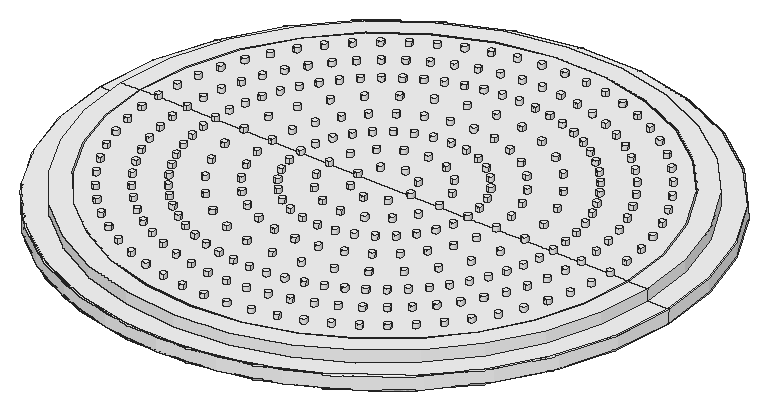
Revit family "Reece_Shower_GROHE_Rainshower_Overhead Shower_400 mm", category Plumbing Fixtures, host Face, Revit 2018
Family settings
  Host = Face
  Round Connector Dimension = Use Diameter
  Part Type = Normal
  Cut with Voids When Loaded = No
  Shared = Yes
  Room Calculation Point = Yes
Parameters (values of type "Chrome")
  WFU = 0  # constant formula
  URL = "https://www.reece.com.au/product/-9506718"
  Type Comments = "Shower"
  Reece_Shower_Inlet = 12 mm  # constant formula
  Reece_Product_Web Page = "https://www.reece.com.au/product/-9506718"
  Reece_Product_Type = "Shower"  # constant formula
  Reece_Product_Sub Brand = "Rainshower"  # constant formula
  Reece_Product_Number = "9506718"
  Reece_Product_Mount = "Ceiling Mounted"
  Reece_Product_Description = "GROHE Rainshower Cosmopolitan 1 Spray Overhead Shower 400mm Chrome (2 Star)"
  Reece_Product_Brand = "GROHE"  # constant formula
  Reece_Overall_Height = 51 mm  # constant formula
  Reece_Overall-Diameter = 400 mm  # constant formula
  Reece_Material_Main [instance] = Reece_Brass_Chrome
  Reece_Detail_Disclaimer = "THIS FILE IS THE PROPERTY OF THE REECE GROUP. IT MAY NOT BE REPRODUCED, REVERSE-ENGINEERED OR MODIFIED. ANY REPUBLICATION, TRANSMISSION OR DISTRIBUTION FOR THE PURPOSE OF COMMERCIALLY EXPLOITING THE FILES IS PROHIBITED."  # constant formula
  Reece_Detail_Additional = "Overhead Shower"  # constant formula
  Model = "Rainshower"
  Manufacturer = "GROHE"
  Keynote = "Product #9506718, Reece_Shower_GROHE_Rainshower_Overhead Shower_400 mm - Chrome"
  HWFU = 0  # constant formula
  Disclaimer = "THIS FILE IS THE PROPERTY OF THE REECE GROUP. IT MAY NOT BE REPRODUCED, REVERSE-ENGINEERED OR MODIFIED. ANY REPUBLICATION, TRANSMISSION OR DISTRIBUTION FOR THE PURPOSE OF COMMERCIALLY EXPLOITING THE FILES IS PROHIBITED."  # constant formula
  Description = "GROHE Rainshower Cosmopolitan 1 Spray Overhead Shower 400mm Chrome (2 Star)"
  Default Elevation = 0 mm
  CWFU = 0  # constant formula
Reference planes
  plane 1 "Center (Front/Back)": y = 0
  plane 2: z = 0
  plane 3 "Center (Left/Right)": x = 0
  plane 4: y = 200
  plane 5: y = -200
  plane 6: z = 51
  plane 7: z = 48.4
  plane 8: x = -200
  plane 9: x = 200
Forms (mm)
  Revolve 1, solid, material "Reece_Brass_Chrome" <- "Reece_Material_Main"
    sketch origin (0, 0, -187) x (1, 0, 0) y (0, 0, 1)
      loop
        line (185, 227.7) -> (185, 235.4) -> (172.1, 235.4) -> (172.1, 229.4) -> (171.3, 229.4) -> (171.3, 235.4) -> (0, 235.4) -> (0, 187) -> (7.5, 187) -> (7.5, 193.444) -> (9.475, 193.444) -> (9.475, 187) -> (13.8, 187) -> (13.8, 193.619)
        arc (13.8, 193.619) -> (13.632, 194.153) -> (13.189, 194.495) r 0.934
        arc (13.189, 194.495) -> (12.327, 195.161) -> (12, 196.2) r 1.817
        line (12, 196.2) -> (12, 197.2)
        arc (12, 197.2) -> (12.077, 197.722) -> (12.3, 198.2) r 1.817
        arc (12.3, 198.2) -> (12.996, 199.352) -> (13.5, 200.6) r 8.461
        line (13.5, 200.6) -> (16.8, 200.6)
        arc (16.8, 200.6) -> (17.914, 203.773) -> (18.4, 207.1) r 17.499
        line (18.4, 207.1) -> (18.4, 209.1) -> (22.398, 209.1)
        arc (22.398, 209.1) -> (25.547, 209.387) -> (28.592, 210.24) r 17.391
        line (28.592, 210.24) -> (48.452, 217.81)
        arc (48.452, 217.81) -> (50.027, 218.251) -> (51.656, 218.4) r 8.996
        line (51.656, 218.4) -> (199.5, 218.4)
        arc (199.5, 218.4) -> (199.854, 218.546) -> (200, 218.9) r 0.5
        line (200, 218.9) -> (200, 227.2)
        arc (200, 227.2) -> (199.854, 227.554) -> (199.5, 227.7) r 0.5
        line (199.5, 227.7) -> (185, 227.7)
      axis (0, 235.4) -> (0, 187)
    angle from 0 to 360
  Extrusion 2, solid, material "Reece_Brass_Chrome" <- "Reece_Material_Main", detail levels fine
    sketch origin (2.068, -0.55, -4) x (0.866025, -0.5, 0) y (0.5, 0.866025, 0)
      loop
        circle (-81.416, 136.881) r 2
      loop
        circle (-71.416, 119.56) r 2
      loop
        circle (-61.416, 102.24) r 2
      loop
        circle (-51.416, 84.919) r 2
      loop
        circle (-41.416, 67.599) r 2
      loop
        circle (-31.416, 50.278) r 2
      loop
        circle (-21.416, 32.958) r 2
      loop
        circle (-11.416, 15.637) r 2
      loop
        circle (-155.359, 40.517) r 2
      loop
        circle (-136.04, 35.341) r 2
      loop
        circle (-116.722, 30.164) r 2
      loop
        circle (-97.403, 24.988) r 2
      loop
        circle (-78.085, 19.812) r 2
      loop
        circle (-58.766, 14.635) r 2
      loop
        circle (-39.448, 9.459) r 2
      loop
        circle (-20.129, 4.283) r 2
      loop
        circle (-139.505, -79.907) r 2
      loop
        circle (-122.184, -69.907) r 2
      loop
        circle (-104.864, -59.907) r 2
      loop
        circle (-87.543, -49.907) r 2
      loop
        circle (-70.223, -39.907) r 2
      loop
        circle (-52.902, -29.907) r 2
      loop
        circle (-35.582, -19.907) r 2
      loop
        circle (-18.261, -9.907) r 2
      loop
        circle (-127.972, 96.053) r 2
      loop
        circle (-112.104, 83.878) r 2
      loop
        circle (-96.237, 71.703) r 2
      loop
        circle (-80.37, 59.527) r 2
      loop
        circle (-64.503, 47.352) r 2
      loop
        circle (-48.636, 35.177) r 2
      loop
        circle (-32.769, 23.002) r 2
      loop
        circle (-106.705, 118.76) r 2
      loop
        circle (-93.518, 103.723) r 2
      loop
        circle (-80.331, 88.686) r 2
      loop
        circle (-67.144, 73.649) r 2
      loop
        circle (-53.957, 58.612) r 2
      loop
        circle (-40.77, 43.576) r 2
      loop
        circle (-144.4, 69.634) r 2
      loop
        circle (-126.463, 60.788) r 2
      loop
        circle (-108.525, 51.942) r 2
      loop
        circle (-90.588, 43.097) r 2
      loop
        circle (-72.65, 34.251) r 2
      loop
        circle (-54.713, 25.405) r 2
      loop
        circle (-159.409, -21.272) r 2
      loop
        circle (-139.58, -18.661) r 2
      loop
        circle (-119.751, -16.051) r 2
      loop
        circle (-99.922, -13.44) r 2
      loop
        circle (-80.093, -10.83) r 2
      loop
        circle (-60.264, -8.219) r 2
      loop
        circle (-40.435, -5.609) r 2
      loop
        circle (-152.344, -51.57) r 2
      loop
        circle (-133.406, -45.141) r 2
      loop
        circle (-114.467, -38.712) r 2
      loop
        circle (-95.528, -32.283) r 2
      loop
        circle (-76.59, -25.855) r 2
      loop
        circle (-57.651, -19.426) r 2
      loop
        circle (-160.427, 9.822) r 2
      loop
        circle (-140.469, 8.514) r 2
      loop
        circle (-120.512, 7.206) r 2
      loop
        circle (-100.555, 5.898) r 2
      loop
        circle (-80.598, 4.59) r 2
      loop
        circle (-60.641, 3.282) r 2
      loop
        circle (-146.62, -66.054) r 2
      loop
        circle (-128.403, -57.8) r 2
      loop
        circle (-110.186, -49.546) r 2
      loop
        circle (-156.621, -36.594) r 2
      loop
        circle (-137.143, -32.053) r 2
      loop
        circle (-117.666, -27.511) r 2
      loop
        circle (-160.681, -5.75) r 2
      loop
        circle (-140.692, -5.096) r 2
      loop
        circle (-120.703, -4.441) r 2
      loop
        circle (-158.647, 25.294) r 2
      loop
        circle (-138.914, 22.036) r 2
      loop
        circle (-119.181, 18.778) r 2
      loop
        circle (-150.595, 55.345) r 2
      loop
        circle (-131.876, 48.3) r 2
      loop
        circle (-113.158, 41.255) r 2
      loop
        circle (-136.835, 83.247) r 2
      loop
        circle (-119.851, 72.686) r 2
      loop
        circle (-102.867, 62.124) r 2
      loop
        circle (-117.896, 107.929) r 2
      loop
        circle (-103.298, 94.257) r 2
      loop
        circle (-88.701, 80.585) r 2
      loop
        circle (-94.506, 128.441) r 2
      loop
        circle (-82.856, 112.184) r 2
      loop
        circle (-71.206, 95.928) r 2
      loop
        circle (-43.141, -153.85) r 2
      loop
        circle (-37.965, -134.531) r 2
      loop
        circle (-32.788, -115.213) r 2
      loop
        circle (-27.612, -95.894) r 2
      loop
        circle (-22.435, -76.576) r 2
      loop
        circle (-17.259, -57.257) r 2
      loop
        circle (-12.083, -37.939) r 2
      loop
        circle (-6.906, -18.62) r 2
      loop
        circle (18.648, -157.9) r 2
      loop
        circle (16.038, -138.071) r 2
      loop
        circle (13.427, -118.242) r 2
      loop
        circle (10.817, -98.413) r 2
      loop
        circle (8.206, -78.584) r 2
      loop
        circle (5.596, -58.755) r 2
      loop
        circle (2.985, -38.926) r 2
      loop
        circle (48.946, -150.835) r 2
      loop
        circle (42.517, -131.897) r 2
      loop
        circle (36.089, -112.958) r 2
      loop
        circle (29.66, -94.019) r 2
      loop
        circle (23.231, -75.081) r 2
      loop
        circle (16.802, -56.142) r 2
      loop
        circle (-12.446, -158.918) r 2
      loop
        circle (-11.138, -138.96) r 2
      loop
        circle (-9.83, -119.003) r 2
      loop
        circle (-8.522, -99.046) r 2
      loop
        circle (-7.214, -79.089) r 2
      loop
        circle (-5.905, -59.132) r 2
      loop
        circle (-98.677, -126.463) r 2
      loop
        circle (-86.502, -110.595) r 2
      loop
        circle (-74.326, -94.728) r 2
      loop
        circle (-62.151, -78.861) r 2
      loop
        circle (-49.976, -62.994) r 2
      loop
        circle (-37.801, -47.127) r 2
      loop
        circle (-25.625, -31.26) r 2
      loop
        circle (-121.383, -105.196) r 2
      loop
        circle (-106.347, -92.009) r 2
      loop
        circle (-91.31, -78.822) r 2
      loop
        circle (-76.273, -65.635) r 2
      loop
        circle (-61.236, -52.448) r 2
      loop
        circle (-46.199, -39.261) r 2
      loop
        circle (-72.258, -142.891) r 2
      loop
        circle (-63.412, -124.954) r 2
      loop
        circle (-54.566, -107.016) r 2
      loop
        circle (-45.72, -89.079) r 2
      loop
        circle (-36.874, -71.141) r 2
      loop
        circle (-28.029, -53.204) r 2
      loop
        circle (-131.065, -92.997) r 2
      loop
        circle (-114.808, -81.347) r 2
      loop
        circle (-98.551, -69.697) r 2
      loop
        circle (-110.552, -116.387) r 2
      loop
        circle (-96.881, -101.79) r 2
      loop
        circle (-83.209, -87.192) r 2
      loop
        circle (-85.871, -135.326) r 2
      loop
        circle (-75.309, -118.342) r 2
      loop
        circle (-64.748, -101.358) r 2
      loop
        circle (-57.968, -149.086) r 2
      loop
        circle (-50.923, -130.368) r 2
      loop
        circle (-43.878, -111.649) r 2
      loop
        circle (-27.918, -157.138) r 2
      loop
        circle (-24.66, -137.405) r 2
      loop
        circle (-21.402, -117.672) r 2
      loop
        circle (3.126, -159.172) r 2
      loop
        circle (2.472, -139.183) r 2
      loop
        circle (1.817, -119.194) r 2
      loop
        circle (33.971, -155.112) r 2
      loop
        circle (29.429, -135.634) r 2
      loop
        circle (24.888, -116.157) r 2
      loop
        circle (63.43, -145.111) r 2
      loop
        circle (55.176, -126.894) r 2
      loop
        circle (46.922, -108.677) r 2
      loop
        circle (39.008, 152.735) r 2
      loop
        circle (33.832, 133.417) r 2
      loop
        circle (28.655, 114.098) r 2
      loop
        circle (23.479, 94.78) r 2
      loop
        circle (18.303, 75.461) r 2
      loop
        circle (13.126, 56.142) r 2
      loop
        circle (7.95, 36.824) r 2
      loop
        circle (2.774, 17.505) r 2
      loop
        circle (135.372, 78.793) r 2
      loop
        circle (118.051, 68.793) r 2
      loop
        circle (100.731, 58.793) r 2
      loop
        circle (83.41, 48.793) r 2
      loop
        circle (66.09, 38.793) r 2
      loop
        circle (48.769, 28.793) r 2
      loop
        circle (31.449, 18.793) r 2
      loop
        circle (14.128, 8.793) r 2
      loop
        circle (-22.781, 156.785) r 2
      loop
        circle (-20.17, 136.956) r 2
      loop
        circle (-17.56, 117.127) r 2
      loop
        circle (-14.949, 97.298) r 2
      loop
        circle (-12.339, 77.469) r 2
      loop
        circle (-9.728, 57.64) r 2
      loop
        circle (-7.118, 37.812) r 2
      loop
        circle (-53.079, 149.72) r 2
      loop
        circle (-46.65, 130.782) r 2
      loop
        circle (-40.221, 111.843) r 2
      loop
        circle (-33.792, 92.905) r 2
      loop
        circle (-27.364, 73.966) r 2
      loop
        circle (-20.935, 55.027) r 2
      loop
        circle (8.313, 157.803) r 2
      loop
        circle (7.005, 137.846) r 2
      loop
        circle (5.697, 117.888) r 2
      loop
        circle (4.389, 97.931) r 2
      loop
        circle (3.081, 77.974) r 2
      loop
        circle (1.773, 58.017) r 2
      loop
        circle (94.544, 125.348) r 2
      loop
        circle (82.369, 109.481) r 2
      loop
        circle (70.194, 93.614) r 2
      loop
        circle (58.018, 77.747) r 2
      loop
        circle (45.843, 61.88) r 2
      loop
        circle (33.668, 46.012) r 2
      loop
        circle (21.493, 30.145) r 2
      loop
        circle (117.251, 104.081) r 2
      loop
        circle (102.214, 90.894) r 2
      loop
        circle (87.177, 77.707) r 2
      loop
        circle (72.14, 64.52) r 2
      loop
        circle (57.103, 51.333) r 2
      loop
        circle (42.067, 38.146) r 2
      loop
        circle (68.125, 141.776) r 2
      loop
        circle (59.279, 123.839) r 2
      loop
        circle (50.433, 105.901) r 2
      loop
        circle (41.588, 87.964) r 2
      loop
        circle (32.742, 70.027) r 2
      loop
        circle (23.896, 52.089) r 2
      loop
        circle (126.932, 91.882) r 2
      loop
        circle (110.676, 80.232) r 2
      loop
        circle (94.419, 68.583) r 2
      loop
        circle (106.42, 115.272) r 2
      loop
        circle (92.748, 100.675) r 2
      loop
        circle (79.076, 86.077) r 2
      loop
        circle (81.738, 134.211) r 2
      loop
        circle (71.177, 117.227) r 2
      loop
        circle (60.615, 100.243) r 2
      loop
        circle (53.836, 147.971) r 2
      loop
        circle (46.791, 129.253) r 2
      loop
        circle (39.746, 110.535) r 2
      loop
        circle (23.785, 156.023) r 2
      loop
        circle (20.527, 136.29) r 2
      loop
        circle (17.269, 116.557) r 2
      loop
        circle (-7.259, 158.058) r 2
      loop
        circle (-6.604, 138.068) r 2
      loop
        circle (-5.95, 118.079) r 2
      loop
        circle (-38.103, 153.997) r 2
      loop
        circle (-33.562, 134.519) r 2
      loop
        circle (-29.02, 115.042) r 2
      loop
        circle (-67.563, 143.997) r 2
      loop
        circle (-59.309, 125.779) r 2
      loop
        circle (-51.055, 107.562) r 2
      loop
        circle (151.226, -41.632) r 2
      loop
        circle (131.908, -36.456) r 2
      loop
        circle (112.589, -31.279) r 2
      loop
        circle (93.271, -26.103) r 2
      loop
        circle (73.952, -20.926) r 2
      loop
        circle (54.634, -15.75) r 2
      loop
        circle (35.315, -10.574) r 2
      loop
        circle (15.996, -5.397) r 2
      loop
        circle (123.839, -97.168) r 2
      loop
        circle (107.972, -84.993) r 2
      loop
        circle (92.105, -72.817) r 2
      loop
        circle (76.238, -60.642) r 2
      loop
        circle (60.371, -48.467) r 2
      loop
        circle (44.504, -36.292) r 2
      loop
        circle (28.636, -24.116) r 2
      loop
        circle (102.572, -119.874) r 2
      loop
        circle (89.385, -104.838) r 2
      loop
        circle (76.198, -89.801) r 2
      loop
        circle (63.011, -74.764) r 2
      loop
        circle (49.824, -59.727) r 2
      loop
        circle (36.637, -44.69) r 2
      loop
        circle (140.267, -70.749) r 2
      loop
        circle (122.33, -61.903) r 2
      loop
        circle (104.392, -53.057) r 2
      loop
        circle (86.455, -44.211) r 2
      loop
        circle (68.518, -35.365) r 2
      loop
        circle (50.58, -26.52) r 2
      loop
        circle (155.276, 20.157) r 2
      loop
        circle (135.447, 17.547) r 2
      loop
        circle (115.618, 14.936) r 2
      loop
        circle (95.789, 12.326) r 2
      loop
        circle (75.96, 9.715) r 2
      loop
        circle (56.131, 7.105) r 2
      loop
        circle (36.303, 4.494) r 2
      loop
        circle (148.211, 50.455) r 2
      loop
        circle (129.273, 44.026) r 2
      loop
        circle (110.334, 37.597) r 2
      loop
        circle (91.396, 31.169) r 2
      loop
        circle (72.457, 24.74) r 2
      loop
        circle (53.518, 18.311) r 2
      loop
        circle (156.294, -10.937) r 2
      loop
        circle (136.337, -9.629) r 2
      loop
        circle (116.38, -8.321) r 2
      loop
        circle (96.422, -7.013) r 2
      loop
        circle (76.465, -5.705) r 2
      loop
        circle (56.508, -4.397) r 2
      loop
        circle (142.488, 64.939) r 2
      loop
        circle (124.27, 56.685) r 2
      loop
        circle (106.053, 48.431) r 2
      loop
        circle (152.488, 35.48) r 2
      loop
        circle (133.01, 30.938) r 2
      loop
        circle (113.533, 26.397) r 2
      loop
        circle (156.549, 4.635) r 2
      loop
        circle (136.559, 3.981) r 2
      loop
        circle (116.57, 3.326) r 2
      loop
        circle (154.514, -26.409) r 2
      loop
        circle (134.781, -23.151) r 2
      loop
        circle (115.048, -19.893) r 2
      loop
        circle (146.462, -56.459) r 2
      loop
        circle (127.744, -49.414) r 2
      loop
        circle (109.026, -42.369) r 2
      loop
        circle (132.702, -84.362) r 2
      loop
        circle (115.718, -73.8) r 2
      loop
        circle (98.734, -63.239) r 2
      loop
        circle (113.763, -109.043) r 2
      loop
        circle (99.166, -95.372) r 2
      loop
        circle (84.569, -81.7) r 2
      loop
        circle (90.373, -129.556) r 2
      loop
        circle (78.723, -113.299) r 2
      loop
        circle (67.074, -97.042) r 2
      loop
        circle (77.284, -137.996) r 2
      loop
        circle (67.284, -120.675) r 2
      loop
        circle (57.284, -103.355) r 2
      loop
        circle (47.284, -86.034) r 2
      loop
        circle (37.284, -68.714) r 2
      loop
        circle (27.284, -51.393) r 2
      loop
        circle (17.284, -34.073) r 2
      loop
        circle (7.284, -16.752) r 2
    from 52.4 to 55
  Extrusion 3, void
    sketch origin (0, 0, 0) x (1, 0, 0) y (0, 0, 1)
      loop
        line (0, 18.387) -> (-7.1, 18.387)
        arc (-7.1, 18.387) -> (-7.903, 17.927) -> (-7.915, 17.002) r 0.932
        arc (-7.915, 17.002) -> (-5.928, 14.943) -> (-3.4, 13.6) r 9.126
        line (-3.4, 13.6) -> (0, 13.6) -> (3.4, 13.6)
        arc (3.4, 13.6) -> (5.928, 14.943) -> (7.915, 17.002) r 9.126
        arc (7.915, 17.002) -> (7.903, 17.927) -> (7.1, 18.387) r 0.932
        line (7.1, 18.387) -> (0, 18.387)
    from 11.769 to 19.298
  Extrusion 4, void
    sketch origin (0, 0, 0) x (1, 0, 0) y (0, 0, -1)
      loop
        line (0, -18.387) -> (7.1, -18.387)
        arc (7.1, -18.387) -> (7.903, -17.927) -> (7.915, -17.002) r 0.932
        arc (7.915, -17.002) -> (5.928, -14.943) -> (3.4, -13.6) r 9.126
        line (3.4, -13.6) -> (0, -13.6) -> (-3.4, -13.6)
        arc (-3.4, -13.6) -> (-5.928, -14.943) -> (-7.915, -17.002) r 9.126
        arc (-7.915, -17.002) -> (-7.903, -17.927) -> (-7.1, -18.387) r 0.932
        line (-7.1, -18.387) -> (0, -18.387)
    from 11.769 to 19.298
  Extrusion 5, void
    sketch origin (0, 0, 0) x (1, 0, 0) y (0, 0, 1)
      loop
        arc (-5.7, 0.529) -> (-5.545, 0.155) -> (-5.171, 0) r 0.529
        line (-5.171, 0) -> (5.15, 0)
        arc (5.15, 0) -> (5.539, 0.161) -> (5.7, 0.55) r 0.55
        line (5.7, 0.55) -> (5.7, 4.512)
        arc (5.7, 4.512) -> (5.5, 5.124) -> (4.977, 5.501) r 1.037
        arc (4.977, 5.501) -> (0.003, 6.271) -> (-4.971, 5.494) r 16.376
        arc (-4.971, 5.494) -> (-5.498, 5.114) -> (-5.7, 4.496) r 1.048
        line (-5.7, 4.496) -> (-5.7, 0.529)
    from 11.004 to 19.69
  Extrusion 6, void
    sketch origin (0, 0, 0) x (1, 0, 0) y (0, 0, -1)
      loop
        line (-5.7, -0.529) -> (-5.7, -4.496)
        arc (-5.7, -4.496) -> (-5.498, -5.114) -> (-4.971, -5.494) r 1.048
        arc (-4.971, -5.494) -> (0.003, -6.271) -> (4.977, -5.501) r 16.376
        arc (4.977, -5.501) -> (5.5, -5.124) -> (5.7, -4.512) r 1.037
        line (5.7, -4.512) -> (5.7, -0.55)
        arc (5.7, -0.55) -> (5.539, -0.161) -> (5.15, 0) r 0.55
        line (5.15, 0) -> (-5.171, 0)
        arc (-5.171, 0) -> (-5.545, -0.155) -> (-5.7, -0.529) r 0.529
    from 11.004 to 19.69
Cuts and joins
  Extrusion 3, Extrusion 4, Extrusion 5, Extrusion 6 cuts Revolve 1
Text (mm)
  text "Reece Copyright © 2018, Reece Ltd." at (-684.407, -323.801, 0), in view "Ref. Level"
  text "Reece ©" at (-376.822, 575.02, -217.389), in view "Reece_Preview"
Dimensions and locks
  equal spacing: plane 4, plane 1 "Center (Front/Back)", plane 5
  "Reece_Overall-Diameter": plane 4 to plane 5
  "Reece_Overall_Height": plane 6 to level
  aligned and locked: host face to plane 2
  aligned and locked: level to host face
Automatic sketch dimensions
  host sketch curve to host sketch curve = 448.479 mm
  host sketch curve to host sketch curve = 436.293 mm
  Extrusion 3 sketch curve to plane 3 "Center (Left/Right)" = 0 mm  (x2)
  Extrusion 3 sketch curve to plane 3 "Center (Left/Right)" = 0.436 mm
  Extrusion 3 sketch curve to Extrusion 3 sketch curve = 3.4 mm
  Extrusion 3 sketch curve to Extrusion 3 sketch curve = 3.7 mm  (x2)
  plane 3 "Center (Left/Right)" to Extrusion 3 sketch curve = 0.436 mm
  plane 3 "Center (Left/Right)" to Extrusion 3 sketch curve = 3.4 mm
  level to Extrusion 3 sketch curve = 13.6 mm
  Extrusion 3 sketch curve to Extrusion 3 sketch curve = 3.855 mm  (x2)
  Extrusion 3 sketch curve to Extrusion 3 sketch curve = 0.932 mm
  Extrusion 3 sketch curve to Extrusion 3 sketch curve = 3.844 mm
  Extrusion 3 sketch curve to Extrusion 3 sketch curve = 0 mm
  Extrusion 4 sketch curve to plane 3 "Center (Left/Right)" = 0 mm  (x2)
  Extrusion 4 sketch curve to plane 3 "Center (Left/Right)" = 0.436 mm
  Extrusion 4 sketch curve to Extrusion 4 sketch curve = 3.4 mm
  Extrusion 4 sketch curve to Extrusion 4 sketch curve = 3.7 mm  (x2)
  plane 3 "Center (Left/Right)" to Extrusion 4 sketch curve = 0.436 mm
  plane 3 "Center (Left/Right)" to Extrusion 4 sketch curve = 3.4 mm
  Extrusion 4 sketch curve to Extrusion 4 sketch curve = 0 mm
  Extrusion 4 sketch curve to Extrusion 4 sketch curve = 3.844 mm
  Extrusion 4 sketch curve to Extrusion 4 sketch curve = 0.932 mm  (x2)
  Extrusion 4 sketch curve to Extrusion 4 sketch curve = 4.787 mm
  Extrusion 5 sketch curve to level = 0 mm
  level to Extrusion 5 sketch curve = 0.529 mm
  Extrusion 5 sketch curve to plane 3 "Center (Left/Right)" = 5.7 mm
  Extrusion 5 sketch curve to Extrusion 5 sketch curve = 1.048 mm
  plane 3 "Center (Left/Right)" to Extrusion 5 sketch curve = 0.013 mm
  plane 3 "Center (Left/Right)" to Extrusion 5 sketch curve = 4.663 mm
  level to Extrusion 5 sketch curve = 0.55 mm
  Extrusion 5 sketch curve to Extrusion 5 sketch curve = 0.487 mm
  Extrusion 5 sketch curve to level = 10.105 mm
  Extrusion 5 sketch curve to Extrusion 5 sketch curve = 3.967 mm
  Extrusion 5 sketch curve to Extrusion 5 sketch curve = 3.963 mm
  Extrusion 5 sketch curve to Extrusion 5 sketch curve = 0 mm
  Extrusion 6 sketch curve to level = 0 mm
  level to Extrusion 6 sketch curve = 0.529 mm
  Extrusion 6 sketch curve to plane 3 "Center (Left/Right)" = 5.7 mm
  Extrusion 6 sketch curve to Extrusion 6 sketch curve = 1.048 mm
  plane 3 "Center (Left/Right)" to Extrusion 6 sketch curve = 0.013 mm
  plane 3 "Center (Left/Right)" to Extrusion 6 sketch curve = 4.663 mm
  level to Extrusion 6 sketch curve = 0.55 mm
  Extrusion 6 sketch curve to Extrusion 6 sketch curve = 0.487 mm
  Extrusion 6 sketch curve to Extrusion 6 sketch curve = 3.967 mm
  Extrusion 6 sketch curve to Extrusion 6 sketch curve = 3.963 mm
  Extrusion 6 sketch curve to level = 10.105 mm
  Extrusion 6 sketch curve to Extrusion 6 sketch curve = 0 mm
  Extrusion 2 sketch curve to Extrusion 2 sketch curve = 0 mm  (x624)
  plane 1 "Center (Front/Back)" to Extrusion 2 sketch curve = 0 mm  (x16)
  Extrusion 2 sketch curve to plane 3 "Center (Left/Right)" = 0 mm  (x16)
  plane 8 to Extrusion 2 sketch curve = 60.039 mm
  Extrusion 2 sketch curve to plane 1 "Center (Front/Back)" = 74.811 mm
  Extrusion 2 sketch curve to Extrusion 2 sketch curve = 0.255 mm  (x2)
  Extrusion 2 sketch curve to Extrusion 2 sketch curve = 1.273 mm  (x3)
  Extrusion 2 sketch curve to Extrusion 2 sketch curve = 1.78 mm  (x4)
  Extrusion 2 sketch curve to Extrusion 2 sketch curve = 2.788 mm  (x4)
  Extrusion 2 sketch curve to Extrusion 2 sketch curve = 3.288 mm  (x4)
  Extrusion 2 sketch curve to Extrusion 2 sketch curve = 4.276 mm  (x4)
  Extrusion 2 sketch curve to Extrusion 2 sketch curve = 4.764 mm  (x4)
  Extrusion 2 sketch curve to Extrusion 2 sketch curve = 5.724 mm  (x4)
  Extrusion 2 sketch curve to Extrusion 2 sketch curve = 6.195 mm  (x4)
  Extrusion 2 sketch curve to Extrusion 2 sketch curve = 19.989 mm  (x3)
  Extrusion 2 sketch curve to Extrusion 2 sketch curve = 0.223 mm  (x2)
  Extrusion 2 sketch curve to Extrusion 2 sketch curve = 1.112 mm  (x3)
  Extrusion 2 sketch curve to Extrusion 2 sketch curve = 7.116 mm  (x4)
  Extrusion 2 sketch curve to Extrusion 2 sketch curve = 1.556 mm  (x4)
  Extrusion 2 sketch curve to Extrusion 2 sketch curve = 2.437 mm  (x4)
  Extrusion 2 sketch curve to Extrusion 2 sketch curve = 7.565 mm  (x4)
  Extrusion 2 sketch curve to Extrusion 2 sketch curve = 2.874 mm  (x4)
  Extrusion 2 sketch curve to Extrusion 2 sketch curve = 3.738 mm  (x4)
  Extrusion 2 sketch curve to Extrusion 2 sketch curve = 4.164 mm  (x4)
  Extrusion 2 sketch curve to Extrusion 2 sketch curve = 8.439 mm  (x4)
  Extrusion 2 sketch curve to Extrusion 2 sketch curve = 5.002 mm  (x3)
  Extrusion 2 sketch curve to Extrusion 2 sketch curve = 8.863 mm  (x4)
  Extrusion 2 sketch curve to Extrusion 2 sketch curve = 5.414 mm  (x4)
  Extrusion 2 sketch curve to Extrusion 2 sketch curve = 6.219 mm  (x4)
  Extrusion 2 sketch curve to Extrusion 2 sketch curve = 9.682 mm  (x3)
  Extrusion 2 sketch curve to Extrusion 2 sketch curve = 0.191 mm  (x2)
  Extrusion 2 sketch curve to Extrusion 2 sketch curve = 6.612 mm  (x4)
  Extrusion 2 sketch curve to Extrusion 2 sketch curve = 0.952 mm  (x4)
  Extrusion 2 sketch curve to Extrusion 2 sketch curve = 1.331 mm  (x4)
  Extrusion 2 sketch curve to Extrusion 2 sketch curve = 10.076 mm  (x4)
  Extrusion 2 sketch curve to Extrusion 2 sketch curve = 2.085 mm  (x4)
  Extrusion 2 sketch curve to Extrusion 2 sketch curve = 2.459 mm  (x4)
  Extrusion 2 sketch curve to Extrusion 2 sketch curve = 7.376 mm  (x4)
  Extrusion 2 sketch curve to Extrusion 2 sketch curve = 3.199 mm  (x4)
  Extrusion 2 sketch curve to Extrusion 2 sketch curve = 3.563 mm  (x4)
  Extrusion 2 sketch curve to Extrusion 2 sketch curve = 7.746 mm  (x4)
  Extrusion 2 sketch curve to Extrusion 2 sketch curve = 10.831 mm  (x4)
  Extrusion 2 sketch curve to Extrusion 2 sketch curve = 4.281 mm  (x3)
  Extrusion 2 sketch curve to Extrusion 2 sketch curve = 4.633 mm  (x4)
  Extrusion 2 sketch curve to Extrusion 2 sketch curve = 11.191 mm  (x4)
  Extrusion 2 sketch curve to Extrusion 2 sketch curve = 8.462 mm  (x3)
  Extrusion 2 sketch curve to Extrusion 2 sketch curve = 5.322 mm  (x4)
  Extrusion 2 sketch curve to Extrusion 2 sketch curve = 8.806 mm  (x4)
  Extrusion 2 sketch curve to Extrusion 2 sketch curve = 5.658 mm  (x4)
  Extrusion 2 sketch curve to Extrusion 2 sketch curve = 19.957 mm  (x6)
  Extrusion 2 sketch curve to Extrusion 2 sketch curve = 0.633 mm  (x4)
  Extrusion 2 sketch curve to Extrusion 2 sketch curve = 11.876 mm  (x4)
  Extrusion 2 sketch curve to Extrusion 2 sketch curve = 6.312 mm  (x4)
  Extrusion 2 sketch curve to Extrusion 2 sketch curve = 3.152 mm  (x2)
  Extrusion 2 sketch curve to Extrusion 2 sketch curve = 9.466 mm  (x4)
  Extrusion 2 sketch curve to Extrusion 2 sketch curve = 6.629 mm  (x4)
  Extrusion 2 sketch curve to Extrusion 2 sketch curve = 4.394 mm  (x3)
  Extrusion 2 sketch curve to Extrusion 2 sketch curve = 12.199 mm  (x4)
  Extrusion 2 sketch curve to Extrusion 2 sketch curve = 9.781 mm  (x4)
  Extrusion 2 sketch curve to Extrusion 2 sketch curve = 7.242 mm  (x3)
  Extrusion 2 sketch curve to Extrusion 2 sketch curve = 6.816 mm  (x4)
  Extrusion 2 sketch curve to Extrusion 2 sketch curve = 7.536 mm  (x4)
  Extrusion 2 sketch curve to Extrusion 2 sketch curve = 7.985 mm  (x4)
  Extrusion 2 sketch curve to Extrusion 2 sketch curve = 10.379 mm  (x4)
  Extrusion 2 sketch curve to Extrusion 2 sketch curve = 12.806 mm  (x4)
  Extrusion 2 sketch curve to Extrusion 2 sketch curve = 8.101 mm  (x4)
  Extrusion 2 sketch curve to Extrusion 2 sketch curve = 10.662 mm  (x4)
  Extrusion 2 sketch curve to Extrusion 2 sketch curve = 13.089 mm  (x3)
  Extrusion 2 sketch curve to Extrusion 2 sketch curve = 10.217 mm  (x4)
  Extrusion 2 sketch curve to Extrusion 2 sketch curve = 8.371 mm  (x4)
  Extrusion 2 sketch curve to Extrusion 2 sketch curve = 0.505 mm  (x4)
  Extrusion 2 sketch curve to Extrusion 2 sketch curve = 2.513 mm  (x2)
  Extrusion 2 sketch curve to Extrusion 2 sketch curve = 3.503 mm  (x3)
  Extrusion 2 sketch curve to Extrusion 2 sketch curve = 11.27 mm  (x2)
  Extrusion 2 sketch curve to Extrusion 2 sketch curve = 11.192 mm  (x4)
  Extrusion 2 sketch curve to Extrusion 2 sketch curve = 8.882 mm  (x4)
  Extrusion 2 sketch curve to Extrusion 2 sketch curve = 5.434 mm  (x4)
  Extrusion 2 sketch curve to Extrusion 2 sketch curve = 13.613 mm  (x4)
  Extrusion 2 sketch curve to Extrusion 2 sketch curve = 11.44 mm  (x3)
  Extrusion 2 sketch curve to Extrusion 2 sketch curve = 9.124 mm  (x4)
  Extrusion 2 sketch curve to Extrusion 2 sketch curve = 6.367 mm  (x4)
  Extrusion 2 sketch curve to Extrusion 2 sketch curve = 13.853 mm  (x3)
  Extrusion 2 sketch curve to Extrusion 2 sketch curve = 13.227 mm  (x4)
  Extrusion 2 sketch curve to Extrusion 2 sketch curve = 9.578 mm  (x4)
  Extrusion 2 sketch curve to Extrusion 2 sketch curve = 8.147 mm  (x4)
  Extrusion 2 sketch curve to Extrusion 2 sketch curve = 11.898 mm  (x4)
  Extrusion 2 sketch curve to Extrusion 2 sketch curve = 14.122 mm  (x4)
  Extrusion 2 sketch curve to Extrusion 2 sketch curve = 9.79 mm  (x3)
  Extrusion 2 sketch curve to Extrusion 2 sketch curve = 8.986 mm  (x3)
  Extrusion 2 sketch curve to Extrusion 2 sketch curve = 0.377 mm  (x3)
  Extrusion 2 sketch curve to Extrusion 2 sketch curve = 12.108 mm  (x3)
  Extrusion 2 sketch curve to Extrusion 2 sketch curve = 1.874 mm  (x3)
  Extrusion 2 sketch curve to Extrusion 2 sketch curve = 14.289 mm  (x4)
  Extrusion 2 sketch curve to Extrusion 2 sketch curve = 2.613 mm  (x3)
  Extrusion 2 sketch curve to Extrusion 2 sketch curve = 4.053 mm  (x4)
  Extrusion 2 sketch curve to Extrusion 2 sketch curve = 10.182 mm  (x4)
  Extrusion 2 sketch curve to Extrusion 2 sketch curve = 10.546 mm  (x4)
  Extrusion 2 sketch curve to Extrusion 2 sketch curve = 14.484 mm  (x4)
  Extrusion 2 sketch curve to Extrusion 2 sketch curve = 4.749 mm  (x4)
  Extrusion 2 sketch curve to Extrusion 2 sketch curve = 15.727 mm  (x3)
  Extrusion 2 sketch curve to Extrusion 2 sketch curve = 10.362 mm  (x3)
  Extrusion 2 sketch curve to Extrusion 2 sketch curve = 12.488 mm  (x4)
  Extrusion 2 sketch curve to Extrusion 2 sketch curve = 11.26 mm  (x4)
  Extrusion 2 sketch curve to Extrusion 2 sketch curve = 6.077 mm  (x4)
  Extrusion 2 sketch curve to Extrusion 2 sketch curve = 12.659 mm  (x4)
  Extrusion 2 sketch curve to Extrusion 2 sketch curve = 6.703 mm  (x3)
  Extrusion 2 sketch curve to Extrusion 2 sketch curve = 16.431 mm  (x4)
  Extrusion 2 sketch curve to Extrusion 2 sketch curve = 10.688 mm  (x4)
  Extrusion 2 sketch curve to Extrusion 2 sketch curve = 14.828 mm  (x4)
  Extrusion 2 sketch curve to Extrusion 2 sketch curve = 12.541 mm  (x3)
  Extrusion 2 sketch curve to Extrusion 2 sketch curve = 7.866 mm  (x4)
  Extrusion 2 sketch curve to Extrusion 2 sketch curve = 19.829 mm
  Extrusion 2 sketch curve to Extrusion 2 sketch curve = 10.833 mm  (x4)
  Extrusion 2 sketch curve to Extrusion 2 sketch curve = 0.988 mm  (x2)
  Extrusion 2 sketch curve to Extrusion 2 sketch curve = 14.975 mm  (x4)
  Extrusion 2 sketch curve to Extrusion 2 sketch curve = 12.959 mm  (x4)
  Extrusion 2 sketch curve to Extrusion 2 sketch curve = 8.399 mm  (x4)
  Extrusion 2 sketch curve to Extrusion 2 sketch curve = 13.101 mm  (x4)
  Extrusion 2 sketch curve to Extrusion 2 sketch curve = 4.854 mm  (x4)
  Extrusion 2 sketch curve to Extrusion 2 sketch curve = 17.624 mm  (x3)
  Extrusion 2 sketch curve to Extrusion 2 sketch curve = 13.088 mm  (x4)
  Extrusion 2 sketch curve to Extrusion 2 sketch curve = 11.09 mm  (x4)
  Extrusion 2 sketch curve to Extrusion 2 sketch curve = 6.679 mm  (x4)
  Extrusion 2 sketch curve to Extrusion 2 sketch curve = 9.354 mm  (x3)
  Extrusion 2 sketch curve to Extrusion 2 sketch curve = 11.201 mm  (x4)
  Extrusion 2 sketch curve to Extrusion 2 sketch curve = 9.772 mm  (x4)
  Extrusion 2 sketch curve to Extrusion 2 sketch curve = 15.223 mm  (x4)
  Extrusion 2 sketch curve to Extrusion 2 sketch curve = 18.108 mm  (x4)
  Extrusion 2 sketch curve to Extrusion 2 sketch curve = 14.053 mm  (x3)
  Extrusion 2 sketch curve to Extrusion 2 sketch curve = 9.956 mm  (x4)
  Extrusion 2 sketch curve to Extrusion 2 sketch curve = 13.305 mm  (x4)
  Extrusion 2 sketch curve to Extrusion 2 sketch curve = 15.322 mm  (x4)
  Extrusion 2 sketch curve to Extrusion 2 sketch curve = 14.439 mm  (x4)
  Extrusion 2 sketch curve to Extrusion 2 sketch curve = 11.353 mm  (x3)
  Extrusion 2 sketch curve to Extrusion 2 sketch curve = 11.386 mm  (x4)
  Extrusion 2 sketch curve to Extrusion 2 sketch curve = 10.482 mm  (x3)
  Extrusion 2 sketch curve to Extrusion 2 sketch curve = 13.391 mm  (x4)
  Extrusion 2 sketch curve to Extrusion 2 sketch curve = 19.319 mm
  Extrusion 2 sketch curve to Extrusion 2 sketch curve = 1.868 mm  (x4)
  Extrusion 2 sketch curve to Extrusion 2 sketch curve = 11.46 mm  (x4)
  Extrusion 2 sketch curve to Extrusion 2 sketch curve = 10.77 mm  (x4)
  Extrusion 2 sketch curve to Extrusion 2 sketch curve = 18.843 mm  (x4)
  Extrusion 2 sketch curve to Extrusion 2 sketch curve = 15.472 mm  (x4)
  Extrusion 2 sketch curve to Extrusion 2 sketch curve = 15.025 mm  (x4)
  Extrusion 2 sketch curve to Extrusion 2 sketch curve = 13.543 mm  (x3)
  Extrusion 2 sketch curve to Extrusion 2 sketch curve = 8.713 mm
  Extrusion 2 sketch curve to Extrusion 2 sketch curve = 13.522 mm  (x4)
  Extrusion 2 sketch curve to Extrusion 2 sketch curve = 11.572 mm  (x4)
  Extrusion 2 sketch curve to Extrusion 2 sketch curve = 11.207 mm  (x4)
  Extrusion 2 sketch curve to Extrusion 2 sketch curve = 19.09 mm  (x4)
  Extrusion 2 sketch curve to Extrusion 2 sketch curve = 15.522 mm  (x3)
  Extrusion 2 sketch curve to Extrusion 2 sketch curve = 15.222 mm  (x4)
  Extrusion 2 sketch curve to Extrusion 2 sketch curve = 14.299 mm  (x3)
  Extrusion 2 sketch curve to Extrusion 2 sketch curve = 11.355 mm  (x4)
  Extrusion 2 sketch curve to Extrusion 2 sketch curve = 13.566 mm  (x4)
  Extrusion 2 sketch curve to Extrusion 2 sketch curve = 11.61 mm  (x4)
  Extrusion 2 sketch curve to Extrusion 2 sketch curve = 11.354 mm  (x4)
  Extrusion 2 sketch curve to Extrusion 2 sketch curve = 11.501 mm  (x4)
  Extrusion 2 sketch curve to Extrusion 2 sketch curve = 11.647 mm  (x4)
  Extrusion 2 sketch curve to Extrusion 2 sketch curve = 13.61 mm  (x4)
  Extrusion 2 sketch curve to Extrusion 2 sketch curve = 14.19 mm  (x2)
  Extrusion 2 sketch curve to Extrusion 2 sketch curve = 15.068 mm  (x4)
  Extrusion 2 sketch curve to Extrusion 2 sketch curve = 15.42 mm  (x4)
  Extrusion 2 sketch curve to Extrusion 2 sketch curve = 15.572 mm  (x4)
  Extrusion 2 sketch curve to Extrusion 2 sketch curve = 19.338 mm  (x4)
  Extrusion 2 sketch curve to Extrusion 2 sketch curve = 17.321 mm
  Extrusion 2 sketch curve to Extrusion 2 sketch curve = 17.396 mm
  Extrusion 2 sketch curve to Extrusion 2 sketch curve = 0.89 mm
  Extrusion 2 sketch curve to Extrusion 2 sketch curve = 3.931 mm
  Extrusion 2 sketch curve to Extrusion 2 sketch curve = 0.885 mm  (x36)
  Extrusion 2 sketch curve to Extrusion 2 sketch curve = 0.943 mm  (x18)
  Extrusion 2 sketch curve to Extrusion 2 sketch curve = 0.765 mm  (x42)
  Extrusion 2 sketch curve to Extrusion 2 sketch curve = 0.705 mm  (x18)
  Extrusion 2 sketch curve to Extrusion 2 sketch curve = 1.367 mm  (x18)
  Extrusion 2 sketch curve to Extrusion 2 sketch curve = 0.518 mm  (x32)
  Extrusion 2 sketch curve to Extrusion 2 sketch curve = 0.39 mm  (x36)
  Extrusion 2 sketch curve to Extrusion 2 sketch curve = 1.546 mm  (x18)
  Extrusion 2 sketch curve to Extrusion 2 sketch curve = 0.196 mm  (x18)
  Extrusion 2 sketch curve to Extrusion 2 sketch curve = 1.663 mm  (x36)
  Extrusion 2 sketch curve to Extrusion 2 sketch curve = 1.732 mm  (x24)
  Extrusion 2 sketch curve to Extrusion 2 sketch curve = 0.065 mm  (x18)
  Extrusion 2 sketch curve to Extrusion 2 sketch curve = 1.822 mm  (x18)
  Extrusion 2 sketch curve to Extrusion 2 sketch curve = 0.261 mm  (x42)
  Extrusion 2 sketch curve to Extrusion 2 sketch curve = 1.894 mm  (x36)
  Extrusion 2 sketch curve to Extrusion 2 sketch curve = 1.914 mm  (x18)
  Extrusion 2 sketch curve to Extrusion 2 sketch curve = 0.581 mm  (x18)
  Extrusion 2 sketch curve to Extrusion 2 sketch curve = 0.643 mm  (x36)
  Extrusion 2 sketch curve to Extrusion 2 sketch curve = 1.983 mm  (x42)
  Extrusion 2 sketch curve to Extrusion 2 sketch curve = 0.825 mm  (x18)
  Extrusion 2 sketch curve to Extrusion 2 sketch curve = 1.999 mm  (x18)
  Extrusion 2 sketch curve to Extrusion 2 sketch curve = 1 mm  (x24)
  Extrusion 2 sketch curve to Extrusion 2 sketch curve = 1.111 mm  (x36)
  Extrusion 2 sketch curve to Extrusion 2 sketch curve = 1.99 mm  (x18)
  Extrusion 2 sketch curve to Extrusion 2 sketch curve = 1.269 mm  (x18)
  Extrusion 2 sketch curve to Extrusion 2 sketch curve = 1.962 mm  (x36)
  Extrusion 2 sketch curve to Extrusion 2 sketch curve = 1.414 mm  (x48)
  Extrusion 2 sketch curve to Extrusion 2 sketch curve = 1.46 mm  (x18)
  Extrusion 2 sketch curve to Extrusion 2 sketch curve = 1.872 mm  (x18)
  Extrusion 2 sketch curve to Extrusion 2 sketch curve = 1.848 mm  (x42)
  Extrusion 2 sketch curve to Extrusion 2 sketch curve = 1.794 mm  (x36)
  Extrusion 2 sketch curve to Extrusion 2 sketch curve = 1.764 mm  (x18)
  Extrusion 2 sketch curve to Extrusion 2 sketch curve = 2 mm  (x16)
  Extrusion 2 sketch curve to Extrusion 2 sketch curve = 1.932 mm  (x16)
  Revolve 1 sketch curve to plane 3 "Center (Left/Right)" = 0 mm  (x2)
  Revolve 1 sketch curve to level = 0 mm  (x2)
  Revolve 1 sketch curve to plane 7 = 0 mm  (x2)
  Revolve 1 sketch curve to plane 9 = 0 mm
  plane 3 "Center (Left/Right)" to Revolve 1 sketch curve = 0.922 mm
  plane 3 "Center (Left/Right)" to Revolve 1 sketch curve = 5.428 mm
  plane 3 "Center (Left/Right)" to Revolve 1 sketch curve = 7.5 mm
  Revolve 1 sketch curve to Revolve 1 sketch curve = 1.975 mm
  Revolve 1 sketch curve to Revolve 1 sketch curve = 2.525 mm
  Revolve 1 sketch curve to Revolve 1 sketch curve = 0.866 mm
  Revolve 1 sketch curve to Revolve 1 sketch curve = 1.5 mm
  Revolve 1 sketch curve to Revolve 1 sketch curve = 4.325 mm
  Revolve 1 sketch curve to Revolve 1 sketch curve = 1.817 mm
  Revolve 1 sketch curve to Revolve 1 sketch curve = 0 mm
  Revolve 1 sketch curve to Revolve 1 sketch curve = 3.3 mm
  Revolve 1 sketch curve to Revolve 1 sketch curve = 1.6 mm
  Revolve 1 sketch curve to Revolve 1 sketch curve = 3.998 mm
  Revolve 1 sketch curve to Revolve 1 sketch curve = 6.194 mm
  Revolve 1 sketch curve to Revolve 1 sketch curve = 19.86 mm
  Revolve 1 sketch curve to Revolve 1 sketch curve = 3.204 mm
  Revolve 1 sketch curve to plane 9 = 28.7 mm
  Revolve 1 sketch curve to Revolve 1 sketch curve = 0.8 mm
  Revolve 1 sketch curve to Revolve 1 sketch curve = 12.9 mm
  Revolve 1 sketch curve to plane 9 = 0.5 mm  (x2)
  level to Revolve 1 sketch curve = 6.619 mm
  Revolve 1 sketch curve to Revolve 1 sketch curve = 2.581 mm
  Revolve 1 sketch curve to Revolve 1 sketch curve = 1 mm
  Revolve 1 sketch curve to Revolve 1 sketch curve = 3.4 mm
  Revolve 1 sketch curve to Revolve 1 sketch curve = 2.536 mm
  Revolve 1 sketch curve to Revolve 1 sketch curve = 6.5 mm
  Revolve 1 sketch curve to Revolve 1 sketch curve = 2 mm
  Revolve 1 sketch curve to Revolve 1 sketch curve = 8.406 mm
  Revolve 1 sketch curve to Revolve 1 sketch curve = 796.6 mm
  Revolve 1 sketch curve to Revolve 1 sketch curve = 0.175 mm
  plane 6 to Revolve 1 sketch curve = 122.4 mm
  Revolve 1 sketch curve to plane 7 = 6 mm
  level to Revolve 1 sketch curve = 22.404 mm
  Revolve 1 sketch curve to Revolve 1 sketch curve = 1.14 mm
  Revolve 1 sketch curve to plane 7 = 8.2 mm
  level to Extrusion 4 sketch curve = 22.231 mm
Connectors
  piping at (0, 0, 0), diameter 12, driven by "Reece_Shower_Inlet"
    settings: on cut or joined group of Revolve 1, Extrusion 3, Extrusion 4, Extrusion 5, Extrusion 6, index 1, connector inside diameter 609.6 mm, connector length 0 mm, flow factor 0, pipe flow 0.0 L/s, pressure drop 0.0 Pa, fitting loss kfactor 0, connector angle 0.00°, fixture units 0, engagement length 0 mm, angle of deflection 0.00°, flow configuration 0, flow direction 1, fitting loss method 0, system type 29, joint type 0, gender type 0, connector reference index -1, connector utility 0, adjustable connector no, is connector primary yes, connector description ""
